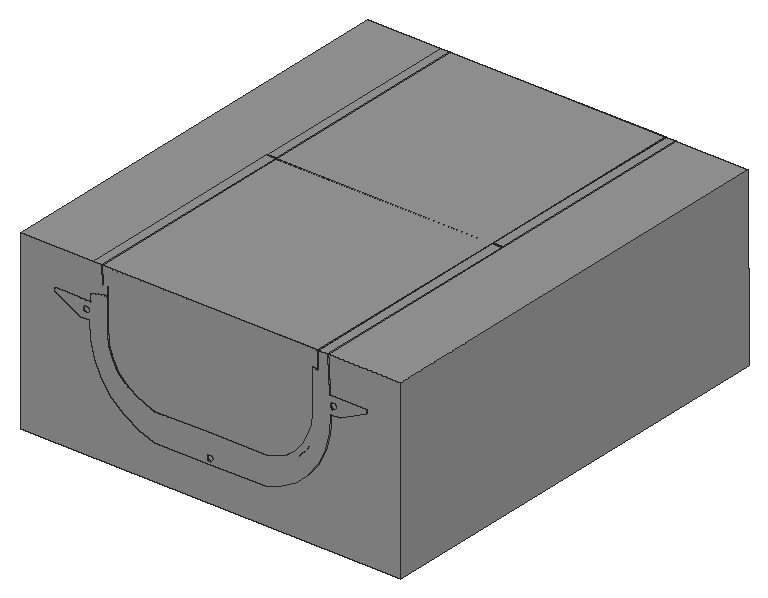
Revit family "T1350-FL-Trench Drain", category Plumbing Fixtures, host Face, Revit 2013
Parameters (values of type "T1350-FL")
  Wide Body = 1' - 0"
  WFU = 0
  URL = "www.mifab.com"
  Model = "T1350-FL"
  Manufacturer = "Mifab"
  HWFU = 0
  Grate Material = Ductile ,Iron
  Flow [instance] = 10 GPM
  Description = "12\" Wide,Neutral Sloped Cast Iron Body And Grate System"
  Default Elevation = 0' - 0"
  CWFU = 0
  Body Material = Steel
Reference planes (in)
  plane 1 "Center (Front/Back)": y = 0
  plane 2: z = 0
  plane 3 "Center (Left/Right)": x = 0
Forms (in)
  Extrusion 1, solid, material "Concrete"
    sketch origin (0, 0, 0) x (1, 0, 0) y (0, 0, 1)
      loop
        line (-10.5, 0) -> (-10.5, -9.69922) -> (10.5, -9.69922) -> (10.5, 0) -> (-10.5, 0)
    from 24 to 0
  Extrusion 2, solid, material "Cast Iron"
    sketch origin (0, -20, 0) x (1, 0, 0) y (0, 0, -1)
      loop
        line (-6, 0) -> (-5.9328, 0.96094) -> (-5.64844, 0.96094) -> (-5.64844, 3.21094)
        arc (-5.64844, 3.21094) -> (-4.90756, 5.19135) -> (-3.04876, 6.19922) r 3.01733
        line (-3.04876, 6.19922) -> (0, 6.19922) -> (3.04876, 6.19922)
        arc (3.04876, 6.19922) -> (4.90756, 5.19135) -> (5.64844, 3.21094) r 3.01733
        line (5.64844, 3.21094) -> (5.64844, 0.96094) -> (5.9328, 0.96094) -> (6, 0) -> (6.5, 0) -> (6.60482, 2) -> (8.61526, 2) -> (8.61526, 2.19922) -> (7.17072, 2.94922) -> (6.65456, 2.94922)
        arc (6.65456, 2.94922) -> (5.72307, 6.00411) -> (3.04876, 7.75) r 4.67965
        line (3.04876, 7.75) -> (0, 7.75) -> (-3.04876, 7.75)
        arc (-3.04876, 7.75) -> (-5.72307, 6.00411) -> (-6.65456, 2.94922) r 4.67965
        line (-6.65456, 2.94922) -> (-7.17072, 2.94922) -> (-8.61526, 2.19922) -> (-8.61526, 2) -> (-6.60482, 2) -> (-6.5, 0) -> (-6, 0)
      loop
        circle (6.81549, 2.47461) r 0.17
      loop
        circle (-6.81549, 2.47461) r 0.17
      loop
        circle (0, 7.42635) r 0.17
    from -4 to -3.87785
  Extrusion 3, solid, material "Cast Iron"
    sketch origin (0, -4, 0) x (1, 0, 0) y (0, 0, 1)
      loop
        line (-6, 0) -> (-6.5, 0) -> (-6.60482, -2) -> (-8.61526, -2) -> (-8.61526, -2.19922) -> (-7.17072, -2.94922) -> (-6.65456, -2.94922)
        arc (-6.65456, -2.94922) -> (-5.72307, -6.00411) -> (-3.04876, -7.75) r 4.67965
        line (-3.04876, -7.75) -> (0, -7.75) -> (3.04876, -7.75)
        arc (3.04876, -7.75) -> (5.72307, -6.00411) -> (6.65456, -2.94922) r 4.67965
        line (6.65456, -2.94922) -> (7.17072, -2.94922) -> (8.61526, -2.19922) -> (8.61526, -2) -> (6.60482, -2) -> (6.5, 0) -> (6, 0) -> (5.9328, -0.96094) -> (5.64844, -0.96094) -> (5.64844, -3.21094)
        arc (5.64844, -3.21094) -> (4.90756, -5.19135) -> (3.04876, -6.19922) r 3.01733
        line (3.04876, -6.19922) -> (0, -6.19922) -> (-3.04876, -6.19922)
        arc (-3.04876, -6.19922) -> (-4.90756, -5.19135) -> (-5.64844, -3.21094) r 3.01733
        line (-5.64844, -3.21094) -> (-5.64844, -0.96094) -> (-5.9328, -0.96094) -> (-6, 0)
      loop
        circle (6.81549, -2.47461) r 0.17
      loop
        circle (-6.81549, -2.47461) r 0.17
      loop
        circle (0, -7.42635) r 0.17
    from -4 to -3.84835
  Extrusion 4, solid, material "Cast Iron"
    sketch origin (0, 0, 0) x (1, 0, 0) y (0, 0, 1)
      loop
        line (-6.5, 0) -> (-6.60482, -2) -> (-8.61526, -2) -> (-8.61526, -2.19922) -> (-5.9328, -2.19922) -> (-5.9328, -0.96094) -> (-6, 0) -> (-6.5, 0)
      loop
        line (6.5, 0) -> (6, 0) -> (5.9328, -0.96094) -> (5.9328, -2.19922) -> (8.61526, -2.19922) -> (8.61526, -2) -> (6.60482, -2) -> (6.5, 0)
    from 0.15165 to 11.92904
  Extrusion 5, solid, material "Cast Iron"
    sketch origin (0, -24, 0) x (1, 0, 0) y (0, 0, -1)
      loop
        line (-6.5, 0) -> (-6, 0) -> (-5.9328, 0.96094) -> (-5.9328, 2.19922) -> (-8.61526, 2.19922) -> (-8.61526, 2) -> (-6.60482, 2) -> (-6.5, 0)
      loop
        line (6.5, 0) -> (6.60482, 2) -> (8.61526, 2) -> (8.61526, 2.19922) -> (5.9328, 2.19922) -> (5.9328, 0.96094) -> (6, 0) -> (6.5, 0)
    from 0.12215 to 12
  Extrusion 6, solid, material "Cast Iron"
    sketch origin (0, 0, 0) x (1, 0, 0) y (0, 0, 1)
      loop
        line (-5.9328, -0.96094) -> (-5.9328, -3.28312)
        arc (-5.9328, -3.28312) -> (-5.09211, -5.41318) -> (-3.06814, -6.48437) r 3.30248
        line (-3.06814, -6.48437) -> (0, -6.48437) -> (3.06814, -6.48437)
        arc (3.06814, -6.48437) -> (5.09211, -5.41318) -> (5.9328, -3.28312) r 3.30248
        line (5.9328, -3.28312) -> (5.9328, -0.96094) -> (5.64844, -0.96094) -> (5.64844, -3.21094)
        arc (5.64844, -3.21094) -> (4.90756, -5.19135) -> (3.04876, -6.19922) r 3.01733
        line (3.04876, -6.19922) -> (0, -6.19922) -> (-3.04876, -6.19922)
        arc (-3.04876, -6.19922) -> (-4.90756, -5.19135) -> (-5.64844, -3.21094) r 3.01733
        line (-5.64844, -3.21094) -> (-5.64844, -0.96094) -> (-5.9328, -0.96094)
    from 0.15165 to 12
  Extrusion 7, solid, material "Cast Iron"
    sketch origin (0, -24, 0) x (1, 0, 0) y (0, 0, -1)
      loop
        line (-5.9328, 0.96094) -> (-5.64844, 0.96094) -> (-5.64844, 3.21094)
        arc (-5.64844, 3.21094) -> (-4.90756, 5.19135) -> (-3.04876, 6.19922) r 3.01733
        line (-3.04876, 6.19922) -> (0, 6.19922) -> (3.04876, 6.19922)
        arc (3.04876, 6.19922) -> (4.90756, 5.19135) -> (5.64844, 3.21094) r 3.01733
        line (5.64844, 3.21094) -> (5.64844, 0.96094) -> (5.9328, 0.96094) -> (5.9328, 3.28312)
        arc (5.9328, 3.28312) -> (5.09211, 5.41318) -> (3.06814, 6.48437) r 3.30248
        line (3.06814, 6.48437) -> (0, 6.48437) -> (-3.06814, 6.48437)
        arc (-3.06814, 6.48437) -> (-5.09211, 5.41318) -> (-5.9328, 3.28312) r 3.30248
        line (-5.9328, 3.28312) -> (-5.9328, 0.96094)
    from 0.12215 to 12.07096
  Extrusion 8, solid, material "Cast Iron"
    sketch origin (0, 0, 0) x (1, 0, 0) y (0, 1, 0)
      loop
        circle (5.56644, -15) r 0.35545
      loop
        circle (5.56644, -21) r 0.35545
      loop
        circle (-5.56644, -15) r 0.35545
      loop
        circle (-5.56644, -21) r 0.35545
      loop
        circle (5.56644, -9) r 0.35545
      loop
        circle (5.56644, -3) r 0.35545
      loop
        circle (-5.56644, -9) r 0.35545
      loop
        circle (-5.56644, -3) r 0.35545
    from -0.96094 to -8.40927
  Extrusion 9, solid
    sketch origin (0, 0, 0) x (1, 0, 0) y (0, 0, 1)
      loop
        arc (-6.65456, -2.94922) -> (-5.72307, -6.00411) -> (-3.04876, -7.75) r 4.67965
        line (-3.04876, -7.75) -> (0, -7.75) -> (3.04876, -7.75)
        arc (3.04876, -7.75) -> (5.72307, -6.00411) -> (6.65456, -2.94922) r 4.67965
        line (6.65456, -2.94922) -> (7.17072, -2.94922) -> (8.61526, -2.19922) -> (5.9328, -2.19922) -> (5.9328, -3.28312)
        arc (5.9328, -3.28312) -> (5.11208, -5.43105) -> (3.06814, -6.48437) r 3.22102
        line (3.06814, -6.48437) -> (0, -6.48437) -> (-3.06814, -6.48437)
        arc (-3.06814, -6.48437) -> (-5.11208, -5.43105) -> (-5.9328, -3.28312) r 3.22102
        line (-5.9328, -3.28312) -> (-5.9328, -2.19922) -> (-8.61526, -2.19922) -> (-7.17072, -2.94922) -> (-6.65456, -2.94922)
      loop
        circle (-6.81549, -2.47461) r 0.17
      loop
        circle (6.81549, -2.47461) r 0.17
      loop
        circle (0, -7.42635) r 0.17
    from 11.81097 to 11.92904
  Extrusion 10, solid
    sketch origin (0, -23.92904, 0) x (1, 0, 0) y (0, 0, -1)
      loop
        line (-6.65456, 2.94922) -> (-7.17072, 2.94922) -> (-8.61526, 2.19922) -> (-5.9328, 2.19922) -> (-5.9328, 3.28312)
        arc (-5.9328, 3.28312) -> (-5.11208, 5.43105) -> (-3.06814, 6.48437) r 3.22102
        line (-3.06814, 6.48437) -> (0, 6.48437) -> (3.06814, 6.48437)
        arc (3.06814, 6.48437) -> (5.11208, 5.43105) -> (5.9328, 3.28312) r 3.22102
        line (5.9328, 3.28312) -> (5.9328, 2.19922) -> (8.61526, 2.19922) -> (7.17072, 2.94922) -> (6.65456, 2.94922)
        arc (6.65456, 2.94922) -> (5.72307, 6.00411) -> (3.04876, 7.75) r 4.67965
        line (3.04876, 7.75) -> (0, 7.75) -> (-3.04876, 7.75)
        arc (-3.04876, 7.75) -> (-5.72307, 6.00411) -> (-6.65456, 2.94922) r 4.67965
      loop
        circle (-6.81549, 2.47461) r 0.17
      loop
        circle (6.81549, 2.47461) r 0.17
      loop
        circle (0.00595, 7.42646) r 0.17
    from 11.81097 to 11.92904
  Extrusion 11, void
    sketch origin (0, -24, 0) x (1, 0, 0) y (0, 1, 0)
      loop
        line (5.64844, 15.6042) -> (5.89844, 15.6042) -> (5.89844, 16.06325) -> (5.64844, 16.06325) -> (5.64844, 15.6042)
      loop
        line (5.64844, 20.06325) -> (5.64844, 19.6042) -> (5.89844, 19.6042) -> (5.89844, 20.06325) -> (5.64844, 20.06325)
      loop
        line (-5.64844, 15.6042) -> (-5.64844, 16.06325) -> (-5.89844, 16.06325) -> (-5.89844, 15.6042) -> (-5.64844, 15.6042)
      loop
        line (-5.64844, 20.06325) -> (-5.89844, 20.06325) -> (-5.89844, 19.6042) -> (-5.64844, 19.6042) -> (-5.64844, 20.06325)
    from -0.96094 to -1.21252
  Extrusion 12, void
    sketch origin (0, 0, 0) x (1, 0, 0) y (0, 1, 0)
      loop
        line (5.64844, -15.6042) -> (5.64844, -16.06325) -> (5.89844, -16.06325) -> (5.89844, -15.6042) -> (5.64844, -15.6042)
      loop
        line (5.64844, -20.06325) -> (5.89844, -20.06325) -> (5.89844, -19.6042) -> (5.64844, -19.6042) -> (5.64844, -20.06325)
      loop
        line (-5.64844, -15.6042) -> (-5.89844, -15.6042) -> (-5.89844, -16.06325) -> (-5.64844, -16.06325) -> (-5.64844, -15.6042)
      loop
        line (-5.64844, -20.06325) -> (-5.64844, -19.6042) -> (-5.89844, -19.6042) -> (-5.89844, -20.06325) -> (-5.64844, -20.06325)
    from -0.96094 to -1.21252
  Extrusion 13, void
    sketch origin (0, 0, 0) x (1, 0, 0) y (0, 1, 0)
      loop
        circle (0, -17.83372) r 3
    from -6.34085 to -5.78081
  Extrusion 14, solid, material "Cast Iron"
    sketch origin (0, 0, 0) x (1, 0, 0) y (0, 1, 0)
      loop
        circle (0, -17.83372) r 2.75
    from -6.48437 to -8.40927
  Extrusion 15, void
    sketch origin (0, 0, 0) x (1, 0, 0) y (0, 1, 0)
      loop
        circle (0, -17.83372) r 2.5
    from -5.50199 to -6.7915
  Extrusion 16, solid, material "Cast Iron"
    sketch origin (0, -24, 0) x (1, 0, 0) y (0, 1, 0)
      loop
        circle (0, 17.83372) r 2.75
    from -6.48437 to -8.40927
  Extrusion 17, void
    sketch origin (0, -24, 0) x (1, 0, 0) y (0, 1, 0)
      loop
        circle (0, 17.83372) r 3
    from -6.34085 to -5.78081
  Extrusion 18, void
    sketch origin (0, -24, 0) x (1, 0, 0) y (0, 1, 0)
      loop
        circle (0, 17.83372) r 2.5
    from -5.50199 to -6.7915
  Extrusion 19, void
    sketch origin (0, 0, 0) x (1, 0, 0) y (0, 1, 0)
      loop
        circle (-7.61004, -21) r 0.17
      loop
        circle (-7.61004, -15) r 0.17
      loop
        circle (7.61004, -21) r 0.17
      loop
        circle (7.61004, -15) r 0.17
    from 0 to -17.94901
  Extrusion 20, void
    sketch origin (0, -24, 0) x (1, 0, 0) y (0, 1, 0)
      loop
        circle (-7.61004, 21) r 0.17
      loop
        circle (-7.61004, 15) r 0.17
      loop
        circle (7.61004, 21) r 0.17
      loop
        circle (7.61004, 15) r 0.17
    from 0 to -12.34807
  Blend 21, solid, material "Cast Iron"
    base sketch origin (0, 0, 0) x (1, 0, 0) y (0, 1, 0)
      loop
        circle (-7.61004, -15) r 0.4438
    top sketch origin (0, 0, 0) x (1, 0, 0) y (0, 1, 0)
      loop
        circle (-7.61004, -15) r 0.35027
    from -2 to -3.38048
  Blend 22, solid, material "Cast Iron"
    base sketch origin (0, -6, 0) x (1, 0, 0) y (0, 1, 0)
      loop
        circle (-7.61004, -15) r 0.4438
    top sketch origin (0, -6, 0) x (1, 0, 0) y (0, 1, 0)
      loop
        circle (-7.61004, -15) r 0.35027
    from -2.19922 to -3.38048
  Blend 23, solid, material "Cast Iron"
    base sketch origin (0, -6, 0) x (-1, 0, 0) y (0, -1, 0)
      loop
        circle (-7.61004, 15) r 0.4438
    top sketch origin (0, -6, 0) x (-1, 0, 0) y (0, -1, 0)
      loop
        circle (-7.61004, 15) r 0.35027
    from -2 to -3.38048
  Blend 24, solid, material "Cast Iron"
    base sketch origin (0, 0, 0) x (-1, 0, 0) y (0, -1, 0)
      loop
        circle (-7.61004, 15) r 0.4438
    top sketch origin (0, 0, 0) x (-1, 0, 0) y (0, -1, 0)
      loop
        circle (-7.61004, 15) r 0.35027
    from -2 to -3.38048
  Blend 25, solid, material "Cast Iron"
    base sketch origin (0, -24, 0) x (1, 0, 0) y (0, 1, 0)
      loop
        circle (-7.61004, 15) r 0.4438
    top sketch origin (0, -24, 0) x (1, 0, 0) y (0, 1, 0)
      loop
        circle (-7.61004, 15) r 0.35027
    from -2 to -3.38048
  Blend 26, solid, material "Cast Iron"
    base sketch origin (0, -18, 0) x (1, 0, 0) y (0, 1, 0)
      loop
        circle (-7.61004, 15) r 0.4438
    top sketch origin (0, -18, 0) x (1, 0, 0) y (0, 1, 0)
      loop
        circle (-7.61004, 15) r 0.35027
    from -2 to -3.38048
  Blend 27, solid, material "Cast Iron"
    base sketch origin (0, -18, 0) x (-1, 0, 0) y (0, -1, 0)
      loop
        circle (-7.61004, -15) r 0.4438
    top sketch origin (0, -18, 0) x (-1, 0, 0) y (0, -1, 0)
      loop
        circle (-7.61004, -15) r 0.35027
    from -2 to -3.38048
  Blend 28, solid, material "Cast Iron"
    base sketch origin (0, -24, 0) x (-1, 0, 0) y (0, -1, 0)
      loop
        circle (-7.61004, -15) r 0.4438
    top sketch origin (0, -24, 0) x (-1, 0, 0) y (0, -1, 0)
      loop
        circle (-7.61004, -15) r 0.35027
    from -2 to -3.38048
  Extrusion 29, solid, material "Ductile ,Iron" <- "Grate Material"
    sketch origin (0, 0, 0) x (1, 0, 0) y (0, 1, 0)
      loop
        line (-5.9328, -24) -> (5.9328, -24) -> (5.9328, -12) -> (-5.9328, -12) -> (-5.9328, -24)
    from 0 to -0.96094
  Extrusion 30, solid, material "Ductile ,Iron" <- "Grate Material"
    sketch origin (0, -24, 0) x (1, 0, 0) y (0, 1, 0)
      loop
        line (-5.9328, 24) -> (-5.9328, 12) -> (5.9328, 12) -> (5.9328, 24) -> (-5.9328, 24)
    from 0 to -0.96094
Cuts and joins
  Extrusion 17, Extrusion 18 cuts Extrusion 1
  Extrusion 20 cuts Extrusion 4
  Extrusion 19 cuts Extrusion 5
  Extrusion 11, Extrusion 13, Extrusion 17, Extrusion 18 cuts Extrusion 6
  Extrusion 12, Extrusion 13, Extrusion 15, Extrusion 17, Extrusion 18 cuts Extrusion 7
  Extrusion 18 cuts Extrusion 14
  Extrusion 19 cuts Blend 21
  Extrusion 19 cuts Blend 22
  Extrusion 19 cuts Blend 23
  Extrusion 19 cuts Blend 24
  Extrusion 20 cuts Blend 25
  Extrusion 20 cuts Blend 26
  Extrusion 20 cuts Blend 27
  Extrusion 20 cuts Blend 28
  joined: Extrusion 2, Extrusion 3, Extrusion 4, Extrusion 5, Extrusion 6, Extrusion 7, Extrusion 8, Extrusion 14, Extrusion 16, Blend 21, Blend 22, Blend 23, Blend 24, Blend 25, Blend 26, Blend 27, Blend 28
Dimensions and locks (in)
  locked: Extrusion 4 to Extrusion 9 at 0.11807
  locked: Extrusion 10 to Extrusion 5 at 0.11807
  locked: Extrusion 2 to Extrusion 11 at 0.25158  (x2)
  aligned and locked: plane 2 to host face
  aligned and locked: level to host face
  aligned and locked: Extrusion 1 to plane 1 "Center (Front/Back)"
  aligned and locked: Extrusion 4 to Extrusion 3
  aligned and locked: Extrusion 6 to Extrusion 3
  aligned and locked: Extrusion 7 to Extrusion 2
  aligned and locked: Extrusion 7 to Extrusion 4
  aligned and locked: Extrusion 2 to Extrusion 8
  aligned and locked: Extrusion 4 to Extrusion 9
  aligned and locked: level to Extrusion 1
  aligned and locked: Extrusion 11 to Extrusion 2
  aligned and locked: Extrusion 8 to Extrusion 14
  aligned and locked: Extrusion 14 to Extrusion 9
  aligned and locked: Extrusion 29 to Extrusion 2
Connectors (in)
  piping at (0, -6.16628, -8.40927)
    settings: on Extrusion 16, index 1, connector radius 2 3/4", flow factor 0, pipe flow 0 GPM, pressure drop 0.00 psi, fitting loss kfactor 0, connector angle 0.00°, fixture units 0, engagement length 0' - 0", flow configuration 0, flow direction 0, fitting loss method 0, system type 7, joint type 0, gender type 0, connector reference index -1, connector utility 0, adjustable connector no, is connector primary yes, fitting loss table "", connector description ""
  piping at (0, -17.83372, -8.40927)
    settings: on cut or joined group of Extrusion 2, Extrusion 3, Extrusion 4, Extrusion 5, Extrusion 6, Extrusion 7, Extrusion 8, Extrusion 11, Extrusion 12, Extrusion 13, Extrusion 14, Extrusion 15, Extrusion 16, Extrusion 17, Extrusion 18, Extrusion 19, Extrusion 20, Blend 21, Blend 22, Blend 23, Blend 24, Blend 25, Blend 26, Blend 27, Blend 28, index 2, connector radius 2 3/4", flow factor 0, pipe flow 0 GPM, pressure drop 0.00 psi, fitting loss kfactor 0, connector angle 0.00°, fixture units 0, engagement length 0' - 0", flow configuration 0, flow direction 0, fitting loss method 0, system type 7, joint type 0, gender type 0, connector reference index -1, connector utility 0, adjustable connector no, is connector primary no, fitting loss table "", connector description ""
